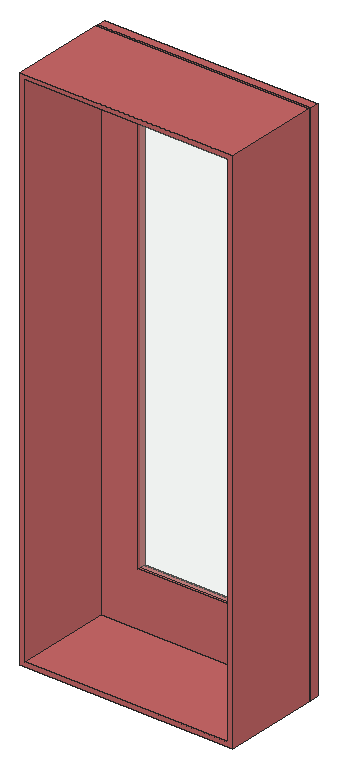
Revit family "PKNail Fire Extinguisher Cabinet", category Specialty Equipment, host Wall, Revit 2017
Family settings
  Host = Wall
  Round Connector Dimension = Use Diameter
  Part Type = Normal
  OmniClass Number = 23.65.70.17.11
  OmniClass Title = Fire Fighting Terminal Components
  Always vertical = Yes
  Cut with Voids When Loaded = No
  Shared = No
  Room Calculation Point = No
Parameters (values of type "Fire Extinguisher Cabinet")
  PKNail Family Measure Location Centered = yes
  PKNail Family Fixed Dimensions = "Width:Height:Depth"
  Assembly Code = "D4030200"
  Depth = 0' - 6"
  Glass Pane Material = Glass
  Height = 2' - 6"
  Width = 1' - 0"
Reference planes (in)
  plane 1: y = 0
  plane 2 "Center": x = -4.31687
  plane 3: x = 1.68313
  plane 4: x = -10.31687
  plane 5: z = 66
  plane 6: x = -0.56687
  plane 7: x = -8.06687
  plane 8: z = 36
  plane 9: y = 9
  plane 10: y = 3
  plane 11: y = 8.375
  plane 12: z = 51
Forms (in)
  Extrusion 1, solid, material "Painted Metal - Red"
    sketch origin (0, 9, 0) x (0, 0, -1) y (-1, 0, 0)
      loop
        line (-66, -1.68313) -> (-36, -1.68313) -> (-36, 10.31687) -> (-66, 10.31687) -> (-66, -1.68313)
      loop
        line (-62.75, 0.56687) -> (-39.25, 0.56687) -> (-39.25, 8.06687) -> (-62.75, 8.06687) -> (-62.75, 0.56687)
    from 0 to -0.5
  Extrusion 2, solid, material "Glass" <- "Glass Pane Material"
    sketch origin (0, 9, 0) x (0, 0, -1) y (-1, 0, 0)
      loop
        line (-62.75, 0.56687) -> (-39.25, 0.56687) -> (-39.25, 8.06687) -> (-62.75, 8.06687) -> (-62.75, 0.56687)
    from -0.125 to -0.375
  Extrusion 3, solid, material "Painted Metal - Red"
    sketch origin (0, 3, 0) x (0, 0, -1) y (-1, 0, 0)
      loop
        line (-66, -1.68313) -> (-36, -1.68313) -> (-36, 10.31687) -> (-66, 10.31687) -> (-66, -1.68313)
      loop
        line (-65.75, -1.43313) -> (-36.25, -1.43313) -> (-36.25, 10.06687) -> (-65.75, 10.06687) -> (-65.75, -1.43313)
    from 0 to 5.375
Lines and regions (in)
  symbolic lines
    curve 1: line (-10.31687, 8.375, 0) -> (1.68313, 8.375, 0)
    curve 2: line (-10.31687, 8.875, 0) -> (1.68313, 8.875, 0)
    curve 3: line (-10.31687, 3, 0) -> (-10.31687, 8.875, 0)
    curve 4: line (1.68313, 3, 0) -> (-10.31687, 3, 0)
    curve 5: line (1.68313, 8.875, 0) -> (1.68313, 3, 0)
Text (in)
  text "Front" at (0, 40.15149, 123.01588), in view "Right"
  text "Front" at (-31.95702, 14.02136, 0), in view "Ref. Level"
  text "Front" at (0, 38.72779, 85.08104), in view "Left"
Dimensions and locks (in)
  "Width": plane 3 to plane 4
  equal spacing: plane 3, plane 2 "Center", plane 4
  locked: plane 3 to plane 6 at 2.25
  locked: plane 7 to plane 4 at 2.25
  "Height": plane 8 to plane 5
  "Depth": plane 9 to plane 10
  locked: plane 9 to plane 11 at 0.625
  equal spacing: plane 8, plane 12, plane 5
  aligned and locked: host wall to curve 4
  aligned and locked: host wall to plane 10
  aligned and locked: plane 11 to Extrusion 3
Automatic sketch dimensions
  curve 3 to plane 4 = 0' - 0"
  curve 1 to plane 4 = 0' - 0"
  curve 4 to plane 3 = 0' - 0"
  curve 1 to plane 3 = 0' - 0"
  curve 1 to curve 2 = 0' - 0 1/2"
  Extrusion 1 sketch curve to plane 4 = 0' - 0"
  Extrusion 1 sketch curve to plane 5 = 0' - 0"
  Extrusion 1 sketch curve to plane 6 = 0' - 0"
  Extrusion 1 sketch curve to plane 7 = 0' - 0"
  Extrusion 1 sketch curve to plane 8 = 0' - 0"
  Extrusion 1 sketch curve to plane 3 = 0' - 0"
  plane 5 to Extrusion 1 sketch curve = 0' - 3 1/4"
  Extrusion 1 sketch curve to plane 8 = 0' - 3 1/4"
  Extrusion 2 sketch curve to plane 7 = 0' - 0"
  Extrusion 2 sketch curve to plane 6 = 0' - 0"
  plane 5 to Extrusion 2 sketch curve = 0' - 3 1/4"
  Extrusion 2 sketch curve to plane 8 = 0' - 3 1/4"
  curve 1 to plane 11 = 0' - 0"
  Extrusion 3 sketch curve to plane 4 = 0' - 0"
  Extrusion 3 sketch curve to plane 5 = 0' - 0"
  Extrusion 3 sketch curve to plane 8 = 0' - 0"
  Extrusion 3 sketch curve to plane 3 = 0' - 0"
  plane 5 to Extrusion 3 sketch curve = 0' - 0 1/4"
  Extrusion 3 sketch curve to plane 8 = 0' - 0 1/4"
  Extrusion 3 sketch curve to plane 3 = 0' - 0 1/4"
  plane 4 to Extrusion 3 sketch curve = 0' - 0 1/4"
